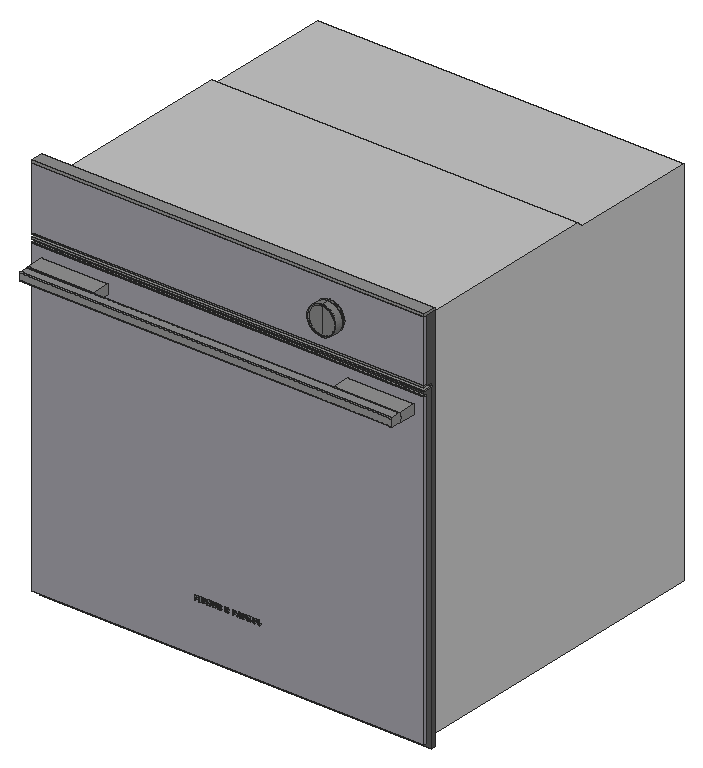
Revit family "FP-Revit19-en-OS60SMTDG1-SteamOven-0-90003134A-AU-NZ-CN-IE-UK-EU", category Specialty Equipment, Revit 2019
Family settings
  Round Connector Dimension = Use Diameter
  Part Type = Normal
  OmniClass Number = 23.40.40.14.17.11
  OmniClass Title = Cookers, Ovens, Stoves
  Work Plane-Based = No
  Always vertical = Yes
  Cut with Voids When Loaded = Yes
  Shared = No
  Room Calculation Point = No
Parameters (values of type "OS60SMTDG1")
  Visibility - Clearance Required = yes
  URL = "www.fisherpaykel.com"
  Product - Height = 598 mm  # constant formula
  Product - Width = 596 mm  # constant formula
  Product - Depth (Exc. Handles) = 565 mm  # constant formula
  Opening - Height = 600 mm  # constant formula
  Model = "OS60SMTDG1"
  Material - Trim = Fisher & Paykel - Aluminium, Dark
  Material - Structure = Fisher & Paykel - Black
  Material - Handle = Fisher & Paykel - Aluminium, Dark
  Material - Glass = Fisher & Paykel - Glass, Grey
  Material - Dial = Fisher & Paykel - Aluminium, Dark, Matt
  Material - Body = Fisher & Paykel - Grey
  Manufacturer = "Fisher & Paykel Appliances"
  FFL Offset [instance] = 900 mm
  Description = "Combination Steam Oven, 60cm, 23 Function"
  Connector Description - Electrical = "220-240V, 50Hz ,15A"
  Chassis - Width = 556 mm  # constant formula
  Chassis - Height = 575 mm  # constant formula
  Chassis - Depth = 545 mm  # constant formula
  Cavity - Width = 560 mm  # constant formula
  Cavity - Height = 580 mm  # constant formula
  Cavity - Depth = 550 mm  # constant formula
Reference planes
  plane 1 "Datum": y = 0
  plane 2: z = -2
  plane 3 "Center (Left/Right)": x = 0
  plane 4 "Product - LHS": x = -298
  plane 5 "Product - RHS": x = 298
  plane 6 "Cavity - RHS": x = 280
  plane 7 "FFL Offset": z = 898
  plane 8 "Chassis - Depth": y = 545
  plane 9 "Front Face": y = -20
  plane 10 "Chassis - Height": z = 1473
  plane 11 "Cavity - Height": z = 1478
  plane 12 "Opening - Height": z = 1498
  plane 13 "Cavity - LHS": x = -280
  plane 14 "Cavity - Depth": y = 550
  plane 15 "Product - Height": z = 1496
  plane 16 "Opening - RHS": x = 300
  plane 17 "Opening - LHS": x = -300
  plane 18 "Chassis - LHS": x = -278
  plane 19 "Chassis - RHS": x = 278
Forms (mm)
  Extrusion 1, solid, material "Fisher & Paykel - Grey" <- "Material - Body"
    sketch origin (0, 0, 0) x (0, 1, 0) y (0, 0, 1)
      loop
        line (0, 1473) -> (0, 898) -> (528, 898) -> (528, 1088) -> (545, 1108) -> (545, 1303) -> (498, 1358) -> (498, 1466) -> (305, 1466) -> (298, 1473) -> (0, 1473)
    from -278 to 278
  Extrusion 2, solid, material "Fisher & Paykel - Black" <- "Material - Structure", detail levels fine
    sketch origin (0, 0, 0) x (0, 1, 0) y (0, 0, 1)
      loop
        line (0, 1492.7) -> (-16, 1492.7) -> (-16, 1396) -> (-4, 1396) -> (-4, 898) -> (0, 898) -> (0, 1492.7)
    from -298 to 298
  Extrusion 3, solid, material "Fisher & Paykel - Glass, Grey" <- "Material - Glass", detail levels fine
    sketch origin (0, 0, -3) x (0, 1, 0) y (0, 0, 1)
      loop
        line (-20, 1386.4) -> (-20, 912.5) -> (-16, 912.5) -> (-16, 1386.4) -> (-20, 1386.4)
      loop
        line (-20, 1400.8) -> (-16, 1400.8) -> (-16, 1495.7) -> (-20, 1495.7) -> (-20, 1400.8)
    from -298 to 298
  Extrusion 4, solid, material "Fisher & Paykel - Black" <- "Material - Structure", detail levels fine
    sketch origin (0, 0, 0) x (0, 1, 0) y (0, 0, 1)
      loop
        line (-16, 909.5) -> (-4, 909.5) -> (-4, 1380.364) -> (-13.99, 1384) -> (-16, 1384) -> (-16, 909.5)
    from -268 to 268
  Extrusion 5, solid, material "Fisher & Paykel - Clearance Required", visible <- "Visibility - Clearance Required", detail levels coarse
    sketch origin (0, 0, -2) x (1, 0, 0) y (0, 1, 0)
      loop
        line (-280, 0) -> (280, 0) -> (280, 550) -> (-280, 550) -> (-280, 0)
    from 900 to 1480
  Extrusion 6, void
    sketch origin (0, 0, 0) x (0, 1, 0) y (0, 0, 1)
      loop
        line (-20, 898) -> (0, 898) -> (0, 1498) -> (-20, 1498) -> (-20, 898)
    from -300 to 300
  Extrusion 7, solid, material "Fisher & Paykel - Grey" <- "Material - Body"
    sketch origin (0, 2, 0) x (0, 1, 0) y (0, 0, 1)
      loop
        line (496, 1433.999) -> (496, 1376) -> (517.999, 1376) -> (517.999, 1433.999) -> (496, 1433.999)
    from -221 to -128
  Extrusion 8, solid, material "Fisher & Paykel - Aluminium, Dark" <- "Material - Trim", detail levels fine
    sketch origin (0, 0, -1.199) x (0, 1, 0) y (0, 0, 1)
      loop
        line (-16, 1397.199) -> (-16, 1398.999) -> (-20, 1398.999) -> (-20, 1397.199) -> (-16, 1397.199)
      loop
        line (-16, 1384.599) -> (-16, 1386.199) -> (-20, 1386.199) -> (-20, 1384.599) -> (-16, 1384.599)
      loop
        line (-4, 1390.799) -> (-4, 1392.399) -> (-20, 1392.399) -> (-20, 1390.799) -> (-4, 1390.799)
      loop
        line (0, 1493.899) -> (0, 1497.199) -> (-20, 1497.199) -> (-20, 1493.899) -> (0, 1493.899)
    from -298 to 298
  Extrusion 9, void
    sketch origin (0, 0, -2) x (1, 0, 0) y (0, 1, 0)
      loop
        line (201.865, 545) -> (229, 498) -> (278, 498) -> (278, 545) -> (201.865, 545)
      loop
        line (-201.865, 545) -> (-278, 545) -> (-278, 498) -> (-229, 498) -> (-201.865, 545)
    from 900 to 1480
  Extrusion 10, solid, material "Fisher & Paykel - Grey" <- "Material - Body"
    sketch origin (0, 6.626, -14.403) x (0, 1, 0) y (0, 0, 1)
      loop
        circle (501.374, 1419.388) r 5
    from -271 to -221
  Extrusion 11, void
    sketch origin (0, 0, -2) x (1, 0, 0) y (0, 1, 0)
      loop
        line (-280, 0) -> (280, 0) -> (280, 550) -> (-280, 550) -> (-280, 0)
    from 900 to 1480
  Extrusion 12, solid, material "Fisher & Paykel - Glass, Grey" <- "Material - Glass", detail levels coarse+medium
    sketch origin (0, 0, 0) x (0, 1, 0) y (0, 0, 1)
      loop
        line (0, 1496) -> (-20, 1496) -> (-20, 1396) -> (-4, 1396) -> (-4, 1391.2) -> (-4, 1380.364) -> (-13.99, 1384) -> (-16, 1384) -> (-16, 1385) -> (-20, 1385) -> (-20, 909.5) -> (-4, 909.5) -> (-4, 898) -> (0, 898) -> (0, 1496)
    from -298 to 298
  Extrusion 13, solid, material "Fisher & Paykel - Clearance Required", visible <- "Visibility - Clearance Required", detail levels coarse
    sketch origin (0, 0, 0) x (0, 1, 0) y (0, 0, 1)
      loop
        line (0, 898) -> (0, 1498) -> (-20, 1498) -> (-20, 1385)
        arc (-20, 1385) -> (-332.479, 1259.952) -> (-475.335, 955.203) r 458.415
        line (-475.335, 955.203) -> (-461.431, 954.484) -> (-463.168, 920.896) -> (-450.381, 920.235) -> (-448.645, 953.805) -> (-20, 931.639) -> (-20, 898) -> (0, 898)
    from -300 to 300
Cuts and joins
  Extrusion 9 cuts Extrusion 1
Text (mm)
  text "Due to ongoing product development, product details are subject to change without notice. \nPlease always refer to www.fisherpaykel.com for the most current product information. \n© Fisher & Paykel 2020" at (41.04, -613.295, 0), in view "Ref. Level (Plan)"
Dimensions and locks
  equal spacing: plane 4 "Product - LHS", plane 3 "Center (Left/Right)", plane 5 "Product - RHS"
  "Product - Width": plane 4 "Product - LHS" to plane 5 "Product - RHS"
  "FFL Offset": plane 7 "FFL Offset" to level
  locked: plane 9 "Front Face" to plane 1 "Datum" at 20
  "Cavity - Height": plane 11 "Cavity - Height" to plane 7 "FFL Offset"
  "Chassis - Height": plane 10 "Chassis - Height" to plane 7 "FFL Offset"
  "Cavity - Depth": plane 1 "Datum" to plane 14 "Cavity - Depth"
  "Cavity - Width": plane 13 "Cavity - LHS" to plane 6 "Cavity - RHS"
  Extrusion 6 to Extrusion 3 = 11.5 mm
  "Chassis - Depth": plane 1 "Datum" to plane 8 "Chassis - Depth"
  equal spacing: plane 13 "Cavity - LHS", plane 3 "Center (Left/Right)", plane 6 "Cavity - RHS"
  "Opening - Height": plane 7 "FFL Offset" to plane 12 "Opening - Height"
  "Product - Height": plane 7 "FFL Offset" to plane 15 "Product - Height"
  equal spacing: cut or joined group of Extrusion 1, Extrusion 9, plane 3 "Center (Left/Right)", cut or joined group of Extrusion 1, Extrusion 9
  "Chassis - Width": cut or joined group of Extrusion 1, Extrusion 9 to cut or joined group of Extrusion 1, Extrusion 9
  locked: plane 15 "Product - Height" to nested 2 at 507.568
  plane 8 "Chassis - Depth" to plane 1 "Datum" = 545 mm
  locked: nested 1 to plane 15 "Product - Height" at 52
  locked: nested 3 to plane 15 "Product - Height" at 135
  aligned and locked: level to plane 2
  aligned and locked: plane 4 "Product - LHS" to Extrusion 3
  aligned and locked: Extrusion 3 to plane 5 "Product - RHS"
  aligned and locked: plane 4 "Product - LHS" to Extrusion 2
  aligned and locked: Extrusion 2 to plane 5 "Product - RHS"
  aligned and locked: Extrusion 1 to plane 7 "FFL Offset"
  aligned and locked: Extrusion 8 to plane 5 "Product - RHS"
  aligned and locked: Extrusion 8 to Extrusion 3
  aligned and locked: Extrusion 6 to Extrusion 3
  aligned and locked: Extrusion 3 to Extrusion 8
  aligned and locked: Extrusion 4 to Extrusion 3
  aligned and locked: Extrusion 4 to Extrusion 2
  aligned and locked: Extrusion 8 to plane 1 "Datum"
  aligned and locked: plane 9 "Front Face" to Extrusion 6
  aligned and locked: Extrusion 5 to plane 6 "Cavity - RHS"
  aligned and locked: Extrusion 10 to Extrusion 7
  aligned and locked: plane 11 "Cavity - Height" to Extrusion 5
  aligned and locked: Extrusion 6 to plane 12 "Opening - Height"
  aligned and locked: Extrusion 6 to Extrusion 2
  aligned and locked: Extrusion 8 to plane 15 "Product - Height"
  aligned and locked: Extrusion 8 to Extrusion 2
  aligned and locked: Extrusion 9 to Extrusion 1
  aligned and locked: Extrusion 5 to Extrusion 2
  aligned and locked: Extrusion 5 to Extrusion 9
  aligned and locked: Extrusion 5 to plane 7 "FFL Offset"
  aligned and locked: Extrusion 1 to Extrusion 9
  aligned and locked: Extrusion 12 sketch curve to plane 15 "Product - Height"
  aligned and locked: plane 11 "Cavity - Height" to Extrusion 11
  aligned and locked: Extrusion 2 to Extrusion 11
  aligned and locked: Extrusion 3 to Extrusion 4
  aligned and locked: Extrusion 12 to Extrusion 3
  aligned and locked: Extrusion 13 to plane 16 "Opening - RHS"
  aligned and locked: plane 17 "Opening - LHS" to Extrusion 13
Automatic sketch dimensions
  Extrusion 1 sketch curve to plane 1 "Datum" = 0 mm
  Extrusion 1 sketch curve to plane 10 "Chassis - Height" = 0 mm
  Extrusion 1 sketch curve to plane 7 "FFL Offset" = 0 mm
  Extrusion 1 sketch curve to plane 8 "Chassis - Depth" = 0 mm
  Extrusion 1 sketch curve to Extrusion 1 sketch curve = 7 mm
  Extrusion 1 sketch curve to plane 10 "Chassis - Height" = 7 mm
  Extrusion 1 sketch curve to Extrusion 1 sketch curve = 20 mm
  Extrusion 2 sketch curve to plane 7 "FFL Offset" = 0 mm
  Extrusion 2 sketch curve to plane 1 "Datum" = 0 mm
  plane 1 "Datum" to Extrusion 2 sketch curve = 4 mm
  Extrusion 2 sketch curve to plane 9 "Front Face" = 4 mm
  plane 15 "Product - Height" to Extrusion 2 sketch curve = 3.3 mm
  Extrusion 3 sketch curve to plane 9 "Front Face" = 0 mm  (x2)
  Extrusion 3 sketch curve to Extrusion 3 sketch curve = 4 mm  (x2)
  plane 7 "FFL Offset" to Extrusion 3 sketch curve = 11.5 mm
  Extrusion 3 sketch curve to Extrusion 3 sketch curve = 14.4 mm
  plane 15 "Product - Height" to Extrusion 3 sketch curve = 3.3 mm
  Extrusion 4 sketch curve to plane 9 "Front Face" = 4 mm
  Extrusion 4 sketch curve to Extrusion 4 sketch curve = 2.01 mm
  plane 1 "Datum" to Extrusion 4 sketch curve = 4 mm
  plane 7 "FFL Offset" to Extrusion 4 sketch curve = 11.5 mm
  Extrusion 4 sketch curve to Extrusion 4 sketch curve = 3.636 mm
  Extrusion 5 sketch curve to plane 13 "Cavity - LHS" = 0 mm
  Extrusion 5 sketch curve to plane 6 "Cavity - RHS" = 0 mm
  plane 1 "Datum" to Extrusion 5 sketch curve = 0 mm
  Extrusion 5 sketch curve to plane 14 "Cavity - Depth" = 0 mm
  Extrusion 6 sketch curve to plane 9 "Front Face" = 0 mm
  Extrusion 6 sketch curve to plane 1 "Datum" = 0 mm
  Extrusion 6 sketch curve to plane 7 "FFL Offset" = 0 mm
  plane 12 "Opening - Height" to Extrusion 6 sketch curve = 0 mm
  Extrusion 7 sketch curve to Extrusion 7 sketch curve = 21.999 mm
  Extrusion 8 sketch curve to plane 9 "Front Face" = 0 mm  (x4)
  Extrusion 8 sketch curve to plane 1 "Datum" = 0 mm
  plane 15 "Product - Height" to Extrusion 8 sketch curve = 0 mm
  Extrusion 8 sketch curve to Extrusion 8 sketch curve = 4 mm  (x2)
  plane 1 "Datum" to Extrusion 8 sketch curve = 4 mm
  plane 15 "Product - Height" to Extrusion 8 sketch curve = 3.3 mm
  Extrusion 8 sketch curve to Extrusion 8 sketch curve = 1.8 mm
  Extrusion 8 sketch curve to Extrusion 8 sketch curve = 4.8 mm
  Extrusion 8 sketch curve to Extrusion 8 sketch curve = 1.6 mm  (x2)
  Extrusion 8 sketch curve to Extrusion 8 sketch curve = 4.6 mm
  Extrusion 9 sketch curve to plane 8 "Chassis - Depth" = 0 mm  (x2)
  Extrusion 9 sketch curve to plane 13 "Cavity - LHS" = 2 mm
  Extrusion 9 sketch curve to Extrusion 9 sketch curve = 49 mm
  Extrusion 9 sketch curve to Extrusion 9 sketch curve = 27.135 mm
  plane 6 "Cavity - RHS" to Extrusion 9 sketch curve = 78.135 mm
  plane 6 "Cavity - RHS" to Extrusion 9 sketch curve = 51 mm
  plane 6 "Cavity - RHS" to Extrusion 9 sketch curve = 2 mm
  Extrusion 11 sketch curve to plane 13 "Cavity - LHS" = 0 mm
  Extrusion 11 sketch curve to plane 6 "Cavity - RHS" = 0 mm
  plane 1 "Datum" to Extrusion 11 sketch curve = 0 mm
  Extrusion 11 sketch curve to plane 14 "Cavity - Depth" = 0 mm
  Extrusion 7 sketch curve to plane 10 "Chassis - Height" = 39.001 mm
  Extrusion 1 sketch curve to Extrusion 1 sketch curve = 163 mm
  Extrusion 1 sketch curve to Extrusion 1 sketch curve = 55 mm
  Extrusion 2 sketch curve to plane 10 "Chassis - Height" = 77 mm
  Extrusion 3 sketch curve to plane 10 "Chassis - Height" = 89.6 mm
  Extrusion 4 sketch curve to plane 10 "Chassis - Height" = 92.636 mm
  Extrusion 7 sketch curve to Extrusion 7 sketch curve = 57.999 mm
  Extrusion 8 sketch curve to plane 10 "Chassis - Height" = 75.2 mm
  Extrusion 10 sketch curve to plane 10 "Chassis - Height" = 68.015 mm
  Extrusion 12 sketch curve to plane 9 "Front Face" = 0 mm  (x2)
  Extrusion 12 sketch curve to plane 7 "FFL Offset" = 0 mm
  Extrusion 12 sketch curve to plane 1 "Datum" = 0 mm
  Extrusion 12 sketch curve to Extrusion 12 sketch curve = 4 mm
  Extrusion 12 sketch curve to Extrusion 12 sketch curve = 2.01 mm
  plane 1 "Datum" to Extrusion 12 sketch curve = 4 mm  (x2)
  plane 7 "FFL Offset" to Extrusion 12 sketch curve = 11.5 mm
  Extrusion 12 sketch curve to plane 10 "Chassis - Height" = 92.636 mm
  Extrusion 12 sketch curve to Extrusion 12 sketch curve = 3.636 mm
  Extrusion 12 sketch curve to Extrusion 12 sketch curve = 1 mm
  Extrusion 12 sketch curve to Extrusion 12 sketch curve = 10.836 mm
  Extrusion 12 sketch curve to Extrusion 12 sketch curve = 4.8 mm
  Extrusion 1 sketch curve to Extrusion 1 sketch curve = 190 mm
  Extrusion 13 sketch curve to plane 9 "Front Face" = 0 mm  (x2)
  Extrusion 13 sketch curve to plane 1 "Datum" = 0 mm
  Extrusion 13 sketch curve to plane 7 "FFL Offset" = 0 mm
  plane 12 "Opening - Height" to Extrusion 13 sketch curve = 0 mm
  plane 7 "FFL Offset" to Extrusion 13 sketch curve = 55.805 mm
  plane 9 "Front Face" to Extrusion 13 sketch curve = 428.645 mm
  plane 7 "FFL Offset" to Extrusion 13 sketch curve = 22.235 mm
  Extrusion 13 sketch curve to Extrusion 13 sketch curve = 1.736 mm
  plane 7 "FFL Offset" to Extrusion 13 sketch curve = 56.484 mm
  Extrusion 13 sketch curve to Extrusion 13 sketch curve = 12.786 mm
  Extrusion 13 sketch curve to plane 9 "Front Face" = 2.186 mm
  Extrusion 13 sketch curve to Extrusion 13 sketch curve = 5.049 mm
  Extrusion 13 sketch curve to Extrusion 13 sketch curve = 13.904 mm
  Extrusion 1 sketch curve to plane 8 "Chassis - Depth" = 247 mm
  Extrusion 1 sketch curve to plane 8 "Chassis - Depth" = 47 mm
  Extrusion 1 sketch curve to plane 8 "Chassis - Depth" = 17 mm
  Extrusion 7 sketch curve to plane 8 "Chassis - Depth" = 47 mm
  Extrusion 9 sketch curve to plane 8 "Chassis - Depth" = 47 mm  (x2)
  Extrusion 10 sketch curve to plane 8 "Chassis - Depth" = 37 mm
  radius of Extrusion 10 sketch curve = 5 mm
Nested families
  nested 1: "F&P Dial Minimal Oven" at (155.3, -20, 1444), type "F&P Dial Minimal Oven"
  nested 2: "F&P Logo 100mm" at (0.044, -20, 985.627), type "Grey"
  nested 3: "F&P Handle Contemporary Square Fine OB60-24" at (0, -20, 1361.022), type "Aluminium Black"
Connectors
  electrical at (-271, 508, 1404.985), driven by "Connector Description - Electrical"
    settings: on Extrusion 10, index 1, voltage 230 V, apparent load 0 VA, apparent load phase1 0 VA, apparent load phase2 0 VA, apparent load phase3 0 VA, power factor 1, load classification "Other", number of poles 1, system type 30, power factor state 1, is connector primary yes, connector utility yes, sub classification motor no, connector description "220-240V, 50Hz ,15A"
Definition of nested family "F&P Dial Minimal Oven"
  Parameters (values of type "F&P Dial Minimal Oven")
    URL = "www.fisherpaykel.com"
    Material - Buttons and Dials = none
    Manufacturer = "Fisher & Paykel Appliances"
  Reference planes
    plane 1 "Center (Front/Back)": y = 0
    plane 2: z = 0
    plane 3 "Center (Left/Right)": x = 0
    plane 4: x = 0
    plane 5 "Dial": z = 0
  Forms (mm)
    Revolve 1, solid, material <- "Material - Buttons and Dials", detail levels fine
      sketch origin (0, 0, 0) x (0, 1, 0) y (0, 0, 1)
        loop
          line (-15.2, 0) -> (0, 0) -> (0, 22) -> (-0.8, 22) -> (-0.8, 18.5) -> (-4.2, 18.5) -> (-4.2, 20.136) -> (-4.7, 22) -> (-15.8, 22) -> (-15.8, 21.2) -> (-15.301, 20) -> (-15.301, 0)
        axis (-15.8, 0) -> (0, 0)
      angle from 0 to 360
    Revolve 2, solid, material <- "Material - Buttons and Dials", detail levels coarse+medium
      sketch origin (0, 0, 0) x (0, 1, 0) y (0, 0, 1)
        loop
          line (0, 18.5) -> (-4.2, 18.5) -> (-4.2, 22) -> (-15.8, 22) -> (-15.8, 0) -> (0, 0) -> (0, 18.5)
        axis (-15.8, 0) -> (0, 0)
      angle from 0 to 360
  Dimensions and locks
    aligned and locked: level to plane 2
Definition of nested family "F&P Logo 100mm"
  Parameters (values of type "Grey")
    URL = "www.fisherpaykel.com"
    Material - Logo = none
    Manufacturer = "Fisher & Paykel Appliances"
  Reference planes
    plane 1 "Center (Front/Back)": y = 0
    plane 2: z = 0
    plane 3 "Center (Left/Right)": x = 0
    plane 4 "Logo": z = 2.805
  Forms (mm)
    Extrusion 1, solid, material <- "Material - Logo", detail levels fine
      sketch origin (0, 0, 0) x (1, 0, 0) y (0, 0, 1)
        loop
          line (-50.044, 0) -> (-48.47, 0) -> (-48.47, 2.138) -> (-46.011, 2.138) -> (-46.011, 3.472) -> (-48.47, 3.472) -> (-48.47, 4.712) -> (-45.795, 4.712) -> (-45.795, 6.04) -> (-50.044, 6.04) -> (-50.044, 0)
        loop
          line (-42.804, 6.04) -> (-42.804, 0) -> (-41.23, 0) -> (-41.23, 6.04) -> (-42.804, 6.04)
        loop
          line (-30.724, 6.04) -> (-30.724, 0) -> (-29.151, 0) -> (-29.151, 2.42) -> (-26.839, 2.42) -> (-26.839, 0) -> (-25.265, 0) -> (-25.265, 6.04) -> (-26.839, 6.04) -> (-26.839, 3.748) -> (-29.151, 3.748) -> (-29.151, 6.04) -> (-30.724, 6.04)
        loop
          line (-21.906, 6.04) -> (-21.906, 0) -> (-17.602, 0) -> (-17.602, 1.328) -> (-20.347, 1.328) -> (-20.347, 2.42) -> (-17.838, 2.42) -> (-17.838, 3.748) -> (-20.347, 3.748) -> (-20.347, 4.712) -> (-17.602, 4.712) -> (-17.602, 6.04) -> (-21.906, 6.04)
        loop
          line (45.667, 6.04) -> (45.667, 0) -> (49.956, 0) -> (49.956, 1.328) -> (47.241, 1.328) -> (47.241, 6.04) -> (45.667, 6.04)
        loop
          line (42.431, 6.04) -> (38.112, 6.04) -> (38.112, 0) -> (42.431, 0) -> (42.431, 1.328) -> (39.687, 1.328) -> (39.687, 2.42) -> (42.195, 2.42) -> (42.195, 3.748) -> (39.687, 3.748) -> (39.687, 4.712) -> (42.431, 4.712) -> (42.431, 6.04)
        loop
          line (33.443, 3.137) -> (35.683, 6.04) -> (33.844, 6.04) -> (31.915, 3.542) -> (31.915, 6.04) -> (30.342, 6.04) -> (30.342, 0) -> (31.915, 0) -> (31.915, 2.705) -> (33.903, 0) -> (35.747, 0) -> (33.443, 3.137)
        loop
          line (21.98, 6.04) -> (24.262, 2.42) -> (24.262, 0) -> (25.837, 0) -> (25.837, 2.341) -> (28.119, 6.04) -> (26.446, 6.04) -> (25.099, 3.707) -> (23.753, 6.04) -> (21.98, 6.04)
        loop
          line (18.479, 6.04) -> (16.983, 6.04) -> (14.524, 0) -> (16.069, 0) -> (16.501, 1.112) -> (18.786, 1.112) -> (19.219, 0) -> (20.938, 0) -> (18.479, 6.04)
        loop
          line (18.4, 2.439) -> (17.693, 4.174) -> (17.018, 2.439) -> (18.4, 2.439)
        loop
          line (8.031, 6.04) -> (8.031, 0) -> (9.605, 0) -> (9.605, 1.938) -> (10.599, 1.938)
          arc (10.599, 1.938) -> (12.65, 3.989) -> (10.599, 6.04) r 2.051
          line (10.599, 6.04) -> (8.031, 6.04)
        loop
          line (9.605, 4.712) -> (9.605, 3.197) -> (10.501, 3.197)
          arc (10.501, 3.197) -> (11.259, 3.954) -> (10.501, 4.712) r 0.757
          line (10.501, 4.712) -> (9.605, 4.712)
        loop
          line (-11.783, 6.04) -> (-14.366, 6.04) -> (-14.366, 0) -> (-12.792, 0) -> (-12.792, 1.336) -> (-11.992, 1.336) -> (-10.972, 0) -> (-9.153, 0) -> (-10.694, 1.973)
          arc (-10.694, 1.973) -> (-9.678, 4.424) -> (-11.783, 6.04) r 2.179
        loop
          line (-11.897, 4.712) -> (-12.792, 4.712) -> (-12.792, 3.053) -> (-11.897, 3.053)
          arc (-11.897, 3.053) -> (-11.068, 3.882) -> (-11.897, 4.712) r 0.83
        loop
          line (0.477, 4.712) -> (0.477, 6.153) -> (-3.575, 6.153) -> (-3.575, 4.851) -> (-2.974, 4.112)
          arc (-2.974, 4.112) -> (-3.51, 0.684) -> (-0.045, 0.512) r 2.334
          line (-0.045, 0.512) -> (0.46, -0.109) -> (2.246, -0.109) -> (0.86, 1.594) -> (2.061, 3.324) -> (0.443, 3.324) -> (-0.013, 2.667) -> (-1.677, 4.712) -> (0.477, 4.712)
        loop
          arc (-2.125, 3.068) -> (-2.269, 1.668) -> (-0.868, 1.524) r 0.996
          line (-0.868, 1.524) -> (-2.125, 3.068)
        loop
          line (-35.18, 3.634) -> (-36.516, 3.91)
          arc (-36.516, 3.91) -> (-37.049, 4.443) -> (-36.516, 4.976) r 0.533
          arc (-36.516, 4.976) -> (-35.235, 4.79) -> (-34.059, 4.248) r 4.505
          line (-34.059, 4.248) -> (-34.059, 5.743)
          arc (-34.059, 5.743) -> (-35.549, 6.179) -> (-37.1, 6.109) r 4.726
          arc (-37.1, 6.109) -> (-38.536, 4.335) -> (-37.1, 2.561) r 1.814
          line (-37.1, 2.561) -> (-35.754, 2.282)
          arc (-35.754, 2.282) -> (-35.221, 1.749) -> (-35.754, 1.216) r 0.533
          arc (-35.754, 1.216) -> (-37.035, 1.402) -> (-38.211, 1.945) r 4.505
          line (-38.211, 1.945) -> (-38.211, 0.449)
          arc (-38.211, 0.449) -> (-36.72, 0.013) -> (-35.169, 0.083) r 4.726
          arc (-35.169, 0.083) -> (-33.734, 1.863) -> (-35.18, 3.634) r 1.814
      from 0 to 0.8
  Dimensions and locks
    aligned and locked: level to plane 2
Definition of nested family "F&P Handle Contemporary Square Fine OB60-24"
  Parameters (values of type "Aluminium Black")
    URL = "www.fisherpaykel.com"
    Material - Handle = none
    Manufacturer = "Fisher & Paykel Appliances"
    Handle - Length = 565 mm
  Reference planes
    plane 1 "Center (Front/Back)": y = 0
    plane 2: z = 0
    plane 3 "Center (Left/Right)": x = 0
    plane 4 "Product LHS": x = -282.5
    plane 5 "Product RHS": x = 282.5
    plane 6 "LHS Standoff": x = -182.495
    plane 7 "RHS Standoff": x = 182.505
    plane 8 "Handle centre": z = -0.022
    plane 9: z = -0.022
  Forms (mm)
    Extrusion 1, solid, material <- "Material - Handle", detail levels fine
      sketch origin (0, 0, 0) x (0, 1, 0) y (0, 0, 1)
        loop
          arc (-26.813, 6.16) -> (-27.196, 6.554) -> (-27.728, 6.686) r 1
          line (-27.728, 6.686) -> (-40.035, 6.256)
          arc (-40.035, 6.256) -> (-40.719, 5.951) -> (-41, 5.257) r 1
          line (-41, 5.257) -> (-41, -5.257)
          arc (-41, -5.257) -> (-40.719, -5.951) -> (-40.035, -6.256) r 1
          line (-40.035, -6.256) -> (-27.709, -6.686)
          arc (-27.709, -6.686) -> (-27.175, -6.554) -> (-26.792, -6.158) r 1
          arc (-26.792, -6.158) -> (-25.256, 0.004) -> (-26.813, 6.16) r 13.038
      from -282.5 to 282.5
    Extrusion 2, solid, material <- "Material - Handle", detail levels fine
      sketch origin (0, 0, 0) x (0, 1, 0) y (0, 0, 1)
        loop
          arc (-26.626, -6.008) -> (-26.614, -6.49) -> (-26.2, -6.737) r 0.5
          line (-26.2, -6.737) -> (0, -7.696) -> (0, 7.704) -> (-26.174, 6.747)
          arc (-26.174, 6.747) -> (-26.587, 6.5) -> (-26.6, 6.019) r 0.5
          arc (-26.6, 6.019) -> (-25.156, 0.002) -> (-26.626, -6.008) r 13.136
      from 182.505 to 282.5
    Extrusion 3, solid, material <- "Material - Handle", detail levels coarse+medium
      sketch origin (0, 0, 0) x (1, 0, 0) y (0, 1, 0)
        loop
          line (-282.5, -42) -> (282.5, -42) -> (282.5, 0) -> (182.505, 0) -> (182.505, -26.156) -> (-182.495, -26.156) -> (-182.495, 0) -> (-282.5, 0) -> (-282.5, -42)
      from -8.022 to 7.978
    Extrusion 4, solid, material <- "Material - Handle", detail levels fine
      sketch origin (0, 0, 0) x (0, 1, 0) y (0, 0, 1)
        loop
          arc (-26.626, -6.008) -> (-26.614, -6.49) -> (-26.2, -6.737) r 0.5
          line (-26.2, -6.737) -> (0, -7.696) -> (0, 7.704) -> (-26.174, 6.747)
          arc (-26.174, 6.747) -> (-26.587, 6.5) -> (-26.6, 6.019) r 0.5
          arc (-26.6, 6.019) -> (-25.156, 0.002) -> (-26.626, -6.008) r 13.136
      from -282.5 to -182.495
  Dimensions and locks
    equal spacing: plane 4 "Product LHS", plane 3 "Center (Left/Right)", plane 5 "Product RHS"
    "Handle - Length": plane 4 "Product LHS" to plane 5 "Product RHS"
    locked: plane 4 "Product LHS" to plane 6 "LHS Standoff" at 100.005
    locked: plane 7 "RHS Standoff" to plane 5 "Product RHS" at 99.995
    aligned and locked: level to plane 2
    aligned and locked: Extrusion 1 to plane 5 "Product RHS"
    aligned and locked: plane 4 "Product LHS" to Extrusion 1
    aligned and locked: Extrusion 2 to plane 5 "Product RHS"
    aligned and locked: plane 4 "Product LHS" to Extrusion 3 sketch curve
    aligned and locked: Extrusion 3 sketch curve to plane 5 "Product RHS"
    aligned and locked: Extrusion 3 sketch curve to plane 7 "RHS Standoff"
    aligned and locked: plane 6 "LHS Standoff" to Extrusion 3 sketch curve
    aligned and locked: plane 4 "Product LHS" to Extrusion 4
    aligned and locked: plane 6 "LHS Standoff" to Extrusion 4
    aligned and locked: Extrusion 2 to plane 7 "RHS Standoff"
  Automatic sketch dimensions
    Extrusion 1 sketch curve to level = 5.257 mm
    plane 1 "Center (Front/Back)" to Extrusion 1 sketch curve = 41 mm
    level to Extrusion 1 sketch curve = 6.256 mm
    Extrusion 1 sketch curve to Extrusion 1 sketch curve = 0.965 mm  (x2)
    Extrusion 1 sketch curve to level = 6.256 mm
    Extrusion 1 sketch curve to Extrusion 1 sketch curve = 0.035 mm  (x3)
    Extrusion 1 sketch curve to level = 0.018 mm
    Extrusion 1 sketch curve to Extrusion 1 sketch curve = 1.706 mm
    level to Extrusion 1 sketch curve = 6.686 mm
    Extrusion 1 sketch curve to Extrusion 1 sketch curve = 12.307 mm
    Extrusion 1 sketch curve to level = 6.686 mm
    Extrusion 1 sketch curve to Extrusion 1 sketch curve = 12.326 mm
    Extrusion 1 sketch curve to Extrusion 1 sketch curve = 0.999 mm  (x2)
    Extrusion 1 sketch curve to Extrusion 1 sketch curve = 0 mm
    Extrusion 2 sketch curve to plane 1 "Center (Front/Back)" = 0 mm
    level to Extrusion 2 sketch curve = 6.247 mm
    plane 1 "Center (Front/Back)" to Extrusion 2 sketch curve = 26.155 mm
    level to Extrusion 2 sketch curve = 6.747 mm
    Extrusion 2 sketch curve to Extrusion 2 sketch curve = 0.018 mm  (x2)
    Extrusion 2 sketch curve to level = 6.238 mm
    Extrusion 2 sketch curve to Extrusion 2 sketch curve = 0.026 mm
    Extrusion 2 sketch curve to level = 6.737 mm
    level to Extrusion 2 sketch curve = 0.03 mm
    Extrusion 2 sketch curve to Extrusion 2 sketch curve = 12.11 mm
    Extrusion 2 sketch curve to level = 7.696 mm
    level to Extrusion 2 sketch curve = 7.704 mm
    Extrusion 2 sketch curve to Extrusion 2 sketch curve = 0 mm
    plane 1 "Center (Front/Back)" to Extrusion 3 sketch curve = 42 mm
    Extrusion 3 sketch curve to Extrusion 3 sketch curve = 15.844 mm
    Extrusion 3 sketch curve to Extrusion 3 sketch curve = 26.156 mm  (x2)
    level to Extrusion 4 sketch curve = 0.03 mm
    plane 1 "Center (Front/Back)" to Extrusion 4 sketch curve = 38.291 mm
    Extrusion 4 sketch curve to level = 6.737 mm
    Extrusion 4 sketch curve to Extrusion 4 sketch curve = 12.091 mm
    Extrusion 4 sketch curve to Extrusion 4 sketch curve = 0.018 mm  (x2)
    level to Extrusion 4 sketch curve = 6.747 mm
    Extrusion 4 sketch curve to Extrusion 4 sketch curve = 0.008 mm
    level to Extrusion 4 sketch curve = 7.704 mm
    Extrusion 4 sketch curve to Extrusion 4 sketch curve = 26.174 mm
    Extrusion 4 sketch curve to level = 7.696 mm
    Extrusion 4 sketch curve to Extrusion 4 sketch curve = 0.5 mm  (x2)
    Extrusion 4 sketch curve to Extrusion 4 sketch curve = 0 mm
